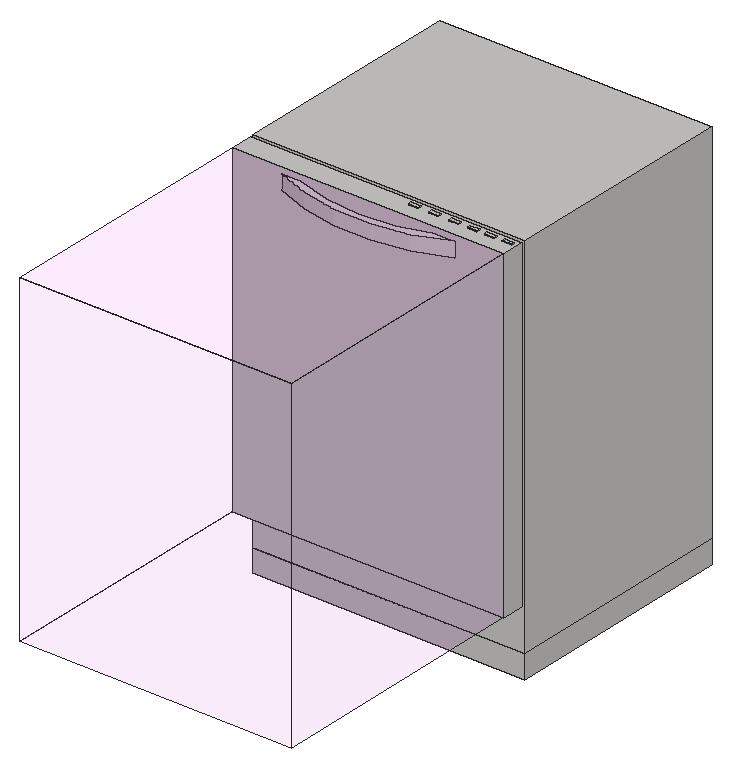
Revit family "QF_Summit_DW244SSADA_Built_In Dishwasher_ADA Compliant", category Specialty Equipment, Revit 2020
Family settings
  Round Connector Dimension = Use Diameter
  Part Type = Normal
  Work Plane-Based = No
  Always vertical = Yes
  Cut with Voids When Loaded = No
  Shared = No
  Room Calculation Point = No
Parameters
  Weight in Pounds = 95
  Watts = if(Phase = 3, Volts * FL Amps * 1.73, Volts * FL Amps)  # 1380 W
  Waste Water Discharge Temperature = -459.67 °F
  Volts = 115 V
  URL Cutsheet = ""
  Specification by User = ""
  Specification by Manufacturer = ""
  Show Legs [instance] = yes
  Show Door Clearance [instance] = yes
  Show Default Legs [instance] = not(Show Legs)  # no
  Serial Number = ""
  Seismic Rating = ""
  SMACNA No = ""
  Revision Code = ""
  Plumbing Remarks = ""
  Plumbing Connection Type = ""
  Phase = 1
  Number of Poles = 1
  NAFEM Spec ID Number = ""
  Model = "DW244SSADA"
  Min Ckt Ampacity = 0 A
  Max Overcurrent Protection = 0 A
  Masterspec = ""
  Manufacturer = "Summit"
  Length = 23 1/2"
  Item Number = ""
  Installed By = ""
  Indirect Waste Size = 1/2"
  Indirect Waste Flow = 0 GPM
  Indirect Waste Connection Type = ""
  Indirect Waste Connection Height = 0"
  Identify Quantity as Lot = yes
  Height [instance] = if(Show Default Legs, 32 1/4", 34")  # 34"
  HP = ""
  Furnished By = ""
  Foodservice Equipment Identifier = yes
  FL Amps = 12 A
  Electrical Remarks = ""
  Electric Connection Type = ""
  Elec Conn RI Height = 0"
  Elec Conn Connection Height = 0"
  Description = "Built-In Dishwasher ADA Compliant"
  Depth = 24 1/4"
  Default Elevation = 0"
  Cycle = 60 Hz
  Conn Plug = ""
  Conn Conduit = yes
  Cold Water Temperature Recommended = -459.67 °F
  Cold Water Size = 1/2"
  Cold Water RI Height = 0"
  Cold Water Minimum Pressure = 0.00 psi
  Cold Water Maximum Pressure = 0.00 psi
  Cold Water Flow = 0 GPM
  Cold Water Consumption = ""
  Cold Water Connection Height = 0"
  CSI MasterFormat = ""
  Apparent Power = if(Phase = 3, Volts * FL Amps * 1.73, Volts * FL Amps)  # 1380 VA
Reference planes (in)
  plane 1 "BACK": y = 0
  plane 2: z = 0
  plane 3 "LEFT": x = 0
  plane 4 "RIGHT": x = 23.5
  plane 5 "FRONT": y = -24.25
  plane 6 "TOP": z = 34
  plane 7 "Center Y": x = 11.75
  plane 8 "Center X": y = -12.125
  plane 9: y = -22.5
  plane 10: y = -20.25
  plane 11: y = -45.5
  plane 12: z = 1.75
  plane 13: z = 2
  plane 14: z = 5.75
  plane 15: z = 5.5
Forms (in)
  Revolve 1, solid, material "QF_Metal_Stainless_Polished", visible <- "Show Default Legs"
    sketch origin (0, -2, 0) x (1, 0, 0) y (0, 0, 1)
      loop
        line (1.73437, 1.75) -> (1.73437, 2) -> (1.1733, 2) -> (1.1733, 1.875) -> (1, 1.875) -> (1, 1.75) -> (1.73437, 1.75)
      axis (1.73437, 2) -> (1.73437, 1.75)
    angle from 0 to 360
  Revolve 2, solid, material "QF_Metal_Stainless_Polished", visible <- "Show Default Legs"
    sketch origin (0, -18.25, 0) x (1, 0, 0) y (0, 0, 1)
      loop
        line (1.73437, 1.75) -> (1.73437, 2) -> (1.1733, 2) -> (1.1733, 1.875) -> (1, 1.875) -> (1, 1.75) -> (1.73437, 1.75)
      axis (1.73437, 2) -> (1.73437, 1.75)
    angle from 0 to 360
  Revolve 3, solid, material "QF_Metal_Stainless_Polished", visible <- "Show Default Legs"
    sketch origin (17.5, -2, 0) x (-1, 0, 0) y (0, 0, -1)
      loop
        line (-4.26563, -1.75) -> (-5, -1.75) -> (-5, -1.875) -> (-4.8267, -1.875) -> (-4.8267, -2) -> (-4.26563, -2) -> (-4.26563, -1.75)
      axis (-4.26563, -2) -> (-4.26563, -1.75)
    angle from 0 to 360
  Revolve 4, solid, material "QF_Metal_Stainless_Polished", visible <- "Show Default Legs"
    sketch origin (17.5, -18.25, 0) x (-1, 0, 0) y (0, 0, -1)
      loop
        line (-4.26563, -1.75) -> (-5, -1.75) -> (-5, -1.875) -> (-4.8267, -1.875) -> (-4.8267, -2) -> (-4.26563, -2) -> (-4.26563, -1.75)
      axis (-4.26563, -2) -> (-4.26563, -1.75)
    angle from 0 to 360
  Revolve 5, solid, material "QF_Metal_Stainless_Polished", visible <- "Show Legs"
    sketch origin (0, -2, 0) x (1, 0, 0) y (0, 0, 1)
      loop
        line (1, 0) -> (1.73437, 0) -> (1.73437, 2) -> (1.1733, 2) -> (1.1733, 0.125) -> (1, 0.125) -> (1, 0)
      axis (1.73437, 2) -> (1.73437, 0)
    angle from 0 to 360
  Revolve 6, solid, material "QF_Metal_Stainless_Polished", visible <- "Show Legs"
    sketch origin (0, -18.25, 0) x (1, 0, 0) y (0, 0, 1)
      loop
        line (1, 0) -> (1.73437, 0) -> (1.73437, 2) -> (1.1733, 2) -> (1.1733, 0.125) -> (1, 0.125) -> (1, 0)
      axis (1.73437, 2) -> (1.73437, 0)
    angle from 0 to 360
  Extrusion 7, solid, material "QF_Metal_Stainless_Polished", visible <- "Show Legs"
    sketch origin (0, 0, 0) x (1, 0, 0) y (0, 1, 0)
      loop
        line (0, 0) -> (0, -20.25) -> (23.5, -20.25) -> (23.5, 0) -> (0, 0)
      loop
        line (0.0625, -20.1875) -> (23.4375, -20.1875) -> (23.4375, -0.0625) -> (0.0625, -0.0625) -> (0.0625, -20.1875)
    from 0 to 2
  Revolve 8, solid, material "QF_Metal_Stainless_Polished", visible <- "Show Default Legs"
    sketch origin (10.01563, -2, 0) x (1, 0, 0) y (0, 0, 1)
      loop
        line (1.73437, 1.75) -> (1.73437, 2) -> (1.1733, 2) -> (1.1733, 1.875) -> (1, 1.875) -> (1, 1.75) -> (1.73437, 1.75)
      axis (1.73437, 2) -> (1.73437, 1.75)
    angle from 0 to 360
  Revolve 9, solid, material "QF_Metal_Stainless_Polished", visible <- "Show Default Legs"
    sketch origin (10.01563, -18.25, 0) x (1, 0, 0) y (0, 0, 1)
      loop
        line (1.73437, 1.75) -> (1.73437, 2) -> (1.1733, 2) -> (1.1733, 1.875) -> (1, 1.875) -> (1, 1.75) -> (1.73437, 1.75)
      axis (1.73437, 2) -> (1.73437, 1.75)
    angle from 0 to 360
  Revolve 10, solid, material "QF_Metal_Stainless_Polished", visible <- "Show Legs"
    sketch origin (10.01563, -2, 0) x (1, 0, 0) y (0, 0, 1)
      loop
        line (1, 0) -> (1.73437, 0) -> (1.73437, 2) -> (1.1733, 2) -> (1.1733, 0.125) -> (1, 0.125) -> (1, 0)
      axis (1.73437, 2) -> (1.73437, 0)
    angle from 0 to 360
  Revolve 11, solid, material "QF_Metal_Stainless_Polished", visible <- "Show Legs"
    sketch origin (10.01563, -18.25, 0) x (1, 0, 0) y (0, 0, 1)
      loop
        line (1, 0) -> (1.73437, 0) -> (1.73437, 2) -> (1.1733, 2) -> (1.1733, 0.125) -> (1, 0.125) -> (1, 0)
      axis (1.73437, 2) -> (1.73437, 0)
    angle from 0 to 360
  Revolve 12, solid, material "QF_Metal_Stainless_Polished", visible <- "Show Legs"
    sketch origin (23.5, -2, 0) x (-1, 0, 0) y (0, 0, -1)
      loop
        line (1, 0) -> (1, -0.125) -> (1.1733, -0.125) -> (1.1733, -2) -> (1.73437, -2) -> (1.73437, 0) -> (1, 0)
      axis (1.73437, -2) -> (1.73437, 0)
    angle from 0 to 360
  Revolve 13, solid, material "QF_Metal_Stainless_Polished", visible <- "Show Legs"
    sketch origin (23.5, -18.25, 0) x (-1, 0, 0) y (0, 0, -1)
      loop
        line (1, 0) -> (1, -0.125) -> (1.1733, -0.125) -> (1.1733, -2) -> (1.73437, -2) -> (1.73437, 0) -> (1, 0)
      axis (1.73437, -2) -> (1.73437, 0)
    angle from 0 to 360
Dimensions and locks (in)
  equal spacing: plane 3 "LEFT", plane 7 "Center Y", plane 4 "RIGHT"
  "Length": plane 3 "LEFT" to plane 4 "RIGHT"
  equal spacing: plane 5 "FRONT", plane 8 "Center X", plane 1 "BACK"
  "Depth": plane 5 "FRONT" to plane 1 "BACK"
  "Height": plane 6 "TOP" to level
  plane 9 to plane 1 "BACK" = 22 1/2"
  plane 10 to plane 1 "BACK" = 20 1/4"
  plane 11 to plane 1 "BACK" = 45 1/2"
  plane 6 "TOP" to plane 12 = 32 1/4"
  plane 6 "TOP" to plane 14 = 28 1/4"
  plane 13 to plane 12 = 1/4"
  plane 15 to plane 13 = 3 1/2"
  plane 4 "RIGHT" to plane 3 "LEFT" = 23 1/2"
  locked: Revolve 5 sketch curve to Revolve 6 at 0.125
  locked: Revolve 13 sketch curve to Revolve 12 at 0.125
  locked: Revolve 12 sketch curve to Revolve 12 sketch curve at 0.125
  plane 5 "FRONT" to plane 9 = 1 3/4"
  aligned and locked: level to plane 2
  aligned and locked: plane 13 to nested 1
Automatic sketch dimensions
  Revolve 1 sketch curve to plane 12 = 0"  (x2)
  Revolve 1 sketch curve to plane 13 = 0"
  plane 12 to Revolve 1 sketch curve = 1/8"
  plane 3 "LEFT" to Revolve 1 sketch curve = 1"
  Revolve 1 sketch curve to Revolve 1 sketch curve = 0.1733"
  Revolve 1 sketch curve to Revolve 1 sketch curve = 0.56107"
  Revolve 1 sketch curve to Revolve 1 sketch curve = 0"
  Revolve 1 sketch curve to Revolve 1 sketch curve = 1/4"
  Revolve 2 sketch curve to plane 12 = 0"  (x2)
  Revolve 2 sketch curve to plane 13 = 0"
  plane 12 to Revolve 2 sketch curve = 1/8"
  plane 3 "LEFT" to Revolve 2 sketch curve = 1"
  Revolve 2 sketch curve to Revolve 2 sketch curve = 0.1733"
  Revolve 2 sketch curve to Revolve 2 sketch curve = 0.56107"
  Revolve 2 sketch curve to Revolve 2 sketch curve = 0"
  Revolve 2 sketch curve to Revolve 2 sketch curve = 1/4"
  Revolve 3 sketch curve to plane 12 = 0"  (x2)
  Revolve 3 sketch curve to plane 13 = 0"
  plane 12 to Revolve 3 sketch curve = 1/8"
  plane 4 "RIGHT" to Revolve 3 sketch curve = 1"
  Revolve 3 sketch curve to Revolve 3 sketch curve = 0.1733"
  Revolve 3 sketch curve to Revolve 3 sketch curve = 0.56107"
  Revolve 3 sketch curve to Revolve 3 sketch curve = 0"
  Revolve 3 sketch curve to Revolve 3 sketch curve = 1/4"
  Revolve 4 sketch curve to plane 12 = 0"  (x2)
  Revolve 4 sketch curve to plane 13 = 0"
  plane 12 to Revolve 4 sketch curve = 1/8"
  plane 4 "RIGHT" to Revolve 4 sketch curve = 1"
  Revolve 4 sketch curve to Revolve 4 sketch curve = 0.1733"
  Revolve 4 sketch curve to Revolve 4 sketch curve = 0.56107"
  Revolve 4 sketch curve to Revolve 4 sketch curve = 0"
  Revolve 4 sketch curve to Revolve 4 sketch curve = 1/4"
  Extrusion 7 sketch curve to plane 3 "LEFT" = 0"
  Extrusion 7 sketch curve to plane 4 "RIGHT" = 0"
  Extrusion 7 sketch curve to plane 10 = 0"
  plane 1 "BACK" to Extrusion 7 sketch curve = 0"
  plane 3 "LEFT" to Extrusion 7 sketch curve = 1/16"
  plane 4 "RIGHT" to Extrusion 7 sketch curve = 1/16"
  plane 10 to Extrusion 7 sketch curve = 1/16"
  plane 1 "BACK" to Extrusion 7 sketch curve = 1/16"
  Revolve 8 sketch curve to plane 12 = 0"  (x2)
  Revolve 8 sketch curve to plane 13 = 0"
  Revolve 8 sketch curve to plane 7 "Center Y" = 0"  (x2)
  Revolve 8 sketch curve to Revolve 8 sketch curve = 0.56107"
  Revolve 8 sketch curve to Revolve 8 sketch curve = 0.1733"
  plane 12 to Revolve 8 sketch curve = 1/8"
  Revolve 8 sketch curve to Revolve 8 sketch curve = 1/4"
  Revolve 9 sketch curve to plane 12 = 0"  (x2)
  Revolve 9 sketch curve to plane 13 = 0"
  Revolve 9 sketch curve to plane 7 "Center Y" = 0"  (x2)
  Revolve 9 sketch curve to plane 7 "Center Y" = 0.56107"
  Revolve 9 sketch curve to Revolve 9 sketch curve = 0.1733"
  plane 12 to Revolve 9 sketch curve = 1/8"
  Revolve 9 sketch curve to Revolve 9 sketch curve = 1/4"
  Revolve 6 sketch curve to level = 0"  (x2)
  plane 3 "LEFT" to Revolve 6 sketch curve = 1"
  Revolve 6 sketch curve to Revolve 6 sketch curve = 47/64"
  Revolve 6 sketch curve to Revolve 6 sketch curve = 0.1733"
  Revolve 6 sketch curve to Revolve 6 sketch curve = 0"
  Revolve 6 sketch curve to Revolve 6 sketch curve = 1"
  level to Revolve 6 sketch curve = 1/8"
  Revolve 6 sketch curve to plane 13 = 0"
  Revolve 5 sketch curve to level = 0"  (x2)
  plane 3 "LEFT" to Revolve 5 sketch curve = 1"
  Revolve 5 sketch curve to Revolve 5 sketch curve = 47/64"
  Revolve 5 sketch curve to Revolve 5 sketch curve = 0"
  Revolve 5 sketch curve to Revolve 5 sketch curve = 1"
  Revolve 5 sketch curve to plane 13 = 0"
  Revolve 5 sketch curve to Revolve 5 sketch curve = 0.1733"
  Revolve 11 sketch curve to level = 0"  (x2)
  Revolve 11 sketch curve to plane 13 = 0"
  Revolve 11 sketch curve to plane 7 "Center Y" = 0"  (x2)
  Revolve 11 sketch curve to plane 7 "Center Y" = 0.56107"
  Revolve 11 sketch curve to Revolve 11 sketch curve = 1"
  level to Revolve 11 sketch curve = 1/8"
  Revolve 11 sketch curve to Revolve 11 sketch curve = 0.1733"
  Revolve 10 sketch curve to level = 0"  (x2)
  Revolve 10 sketch curve to plane 13 = 0"
  Revolve 10 sketch curve to plane 7 "Center Y" = 0"  (x2)
  Revolve 10 sketch curve to Revolve 10 sketch curve = 0.56107"
  Revolve 10 sketch curve to Revolve 10 sketch curve = 0.1733"
  Revolve 10 sketch curve to Revolve 10 sketch curve = 1"
  level to Revolve 10 sketch curve = 1/8"
  Revolve 13 sketch curve to level = 0"  (x2)
  Revolve 13 sketch curve to plane 13 = 0"
  plane 4 "RIGHT" to Revolve 13 sketch curve = 1"
  Revolve 13 sketch curve to Revolve 13 sketch curve = 47/64"
  Revolve 13 sketch curve to Revolve 13 sketch curve = 0.1733"
  Revolve 13 sketch curve to Revolve 13 sketch curve = 0"
  Revolve 13 sketch curve to level = 1"
  Revolve 12 sketch curve to level = 0"  (x2)
  Revolve 12 sketch curve to plane 13 = 0"
  plane 4 "RIGHT" to Revolve 12 sketch curve = 1"
  Revolve 12 sketch curve to Revolve 12 sketch curve = 47/64"
  Revolve 12 sketch curve to Revolve 12 sketch curve = 0.1733"
  Revolve 12 sketch curve to Revolve 12 sketch curve = 0"
  Revolve 12 sketch curve to level = 1"
Nested families (in)
  nested 1: "DW242WADA" at (0, 0, 0), Show Door Clearance <- "Show Door Clearance", type "DW242WADA"
    with Show Door Clearance yes, Height 34"
Connectors (in)
  piping at (7.03371, 0.25, 3.67651), diameter 0.5, driven by "Cold Water Size"
    settings: on nested 1, index 1, connector inside diameter 24", connector length 0", flow factor 0, pipe flow 0 GPM, pressure drop 0.00 psi, fitting loss kfactor 0, connector angle 0.00°, fixture units 0, engagement length 0", angle of deflection 0.00°, flow configuration 1, flow direction 1, fitting loss method 0, system type 20, joint type 0, gender type 0, connector reference index -1, connector utility 0, adjustable connector no, is connector primary yes, connector description "Water Connection"
  piping at (9.03371, 0.25, 3.67651), diameter 0.5, driven by "Indirect Waste Size"
    settings: on nested 1, index 2, connector inside diameter 24", connector length 0", flow factor 0, pipe flow 0 GPM, pressure drop 0.00 psi, fitting loss kfactor 0, connector angle 0.00°, fixture units 0, engagement length 0", angle of deflection 0.00°, flow configuration 1, flow direction 1, fitting loss method 0, system type 16, joint type 0, gender type 0, connector reference index -1, connector utility 0, adjustable connector no, is connector primary no, connector description "Drain Connection"
  electrical at (11.06496, 0.25, 3.67651), driven by "Volts", driven by "Watts"
    settings: on nested 1, index 3, voltage 115 V, apparent load 1380 VA, apparent load phase1 0 VA, apparent load phase2 0 VA, apparent load phase3 0 VA, power factor 1, load classification "Other", number of poles 1, system type 30, power factor state 1, is connector primary yes, connector utility no, sub classification motor no, connector description "Electrical Connection"
Definition of nested family "DW242WADA"
  Parameters (values of type "DW242WADA")
    Weight in Pounds = 0
    Watts = if(Phase = 3, Volts * FL Amps * 1.73, Volts * FL Amps)  # 0 W
    Volts = 0 V
    URL Cutsheet = ""
    Specification by User = ""
    Specification by Manufacturer = ""
    Show Door Clearance [instance] = yes
    Serial Number = ""
    Seismic Rating = ""
    SMACNA No = ""
    Revision Code = ""
    Phase = 0
    Number of Poles = 1
    NAFEM Spec ID Number = ""
    Min Ckt Ampacity = 0 A
    Max Overcurrent Protection = 0 A
    Masterspec = ""
    Length = 23 1/2"
    Item Number = ""
    Installed By = ""
    Identify Quantity as Lot = yes
    Height [instance] = 34"
    HP = ""
    Furnished By = ""
    Foodservice Equipment Identifier = yes
    FL Amps = 0 A
    Electrical Remarks = ""
    Electric Connection Type = ""
    Elec Conn RI Height = 0"
    Elec Conn Connection Height = 0"
    Depth = 24 1/4"
    Default Elevation = 0"
    Cycle = 0 Hz
    Conn Plug = ""
    Conn Conduit = yes
    CSI MasterFormat = ""
    Apparent Power = if(Phase = 3, Volts * FL Amps * 1.73, Volts * FL Amps)  # 0 VA
  Reference planes (in)
    plane 1 "BACK": y = 0
    plane 2: z = 0
    plane 3 "LEFT": x = 0
    plane 4 "RIGHT": x = 23.5
    plane 5 "FRONT": y = -24.25
    plane 6 "TOP": z = 34
    plane 7 "Center Y": x = 11.75
    plane 8 "Center X": y = -12.125
    plane 9: y = -22.5
    plane 10: y = -20.25
    plane 11: y = -45.5
    plane 12: z = 1.75
    plane 13: z = 2
    plane 14: z = 5.75
    plane 15: z = 5.5
  Forms (in)
    Extrusion 1, solid
      sketch origin (-8.01619, -180, 2.125) x (-1, 0, 0) y (0, -1, 0)
        loop
          line (-8.01619, -180) -> (-8.01619, -159.75) -> (-31.51619, -159.75) -> (-31.51619, -180) -> (-8.01619, -180)
      from -0.125 to 31.875
    Extrusion 2, solid
      sketch origin (-9.94716, -22.5, 48) x (-1, 0, 0) y (0, 0, 1)
        loop
          line (-9.94716, -14) -> (-33.44716, -14) -> (-33.44716, -42.25) -> (-9.94716, -42.25) -> (-9.94716, -14)
      from 0 to 2
    Extrusion 3, solid
      sketch origin (-9.94716, -20.5, 48) x (-1, 0, 0) y (0, 0, 1)
        loop
          line (-10.44716, -14.5) -> (-32.94716, -14.5) -> (-32.94716, -41.75) -> (-10.44716, -41.75) -> (-10.44716, -14.5)
      from 0 to 0.25
    Extrusion 4, solid
      sketch origin (3.0625, 0, 0.0625) x (1, 0, 0) y (0, 0, 1)
        loop
          circle (3.97121, 3.61401) r 0.5
      from 0 to -0.25
    Extrusion 5, solid
      sketch origin (5.0625, 0, 0.0625) x (1, 0, 0) y (0, 0, 1)
        loop
          circle (3.97121, 3.61401) r 0.5
      from 0 to -0.25
    Extrusion 6, solid
      sketch origin (7.0625, 0, 0.0625) x (1, 0, 0) y (0, 0, 1)
        loop
          circle (4.00246, 3.61401) r 0.34934
      from 0 to -0.25
    Extrusion 7, solid
      sketch origin (-35.39759, -180, 34) x (-1, 0, 0) y (0, -1, 0)
        loop
          arc (-39.64759, -157.5) -> (-47.14759, -155.75) -> (-54.64759, -157.5) r 16.94643
          line (-54.64759, -157.5) -> (-53.05926, -157.5)
          arc (-53.05926, -157.5) -> (-47.14759, -156.39063) -> (-41.23593, -157.5) r 16.3058
          line (-41.23593, -157.5) -> (-39.64759, -157.5)
      from -0.5 to -1.75
    Extrusion 8, solid
      sketch origin (0, -22.5, 34) x (1, 0, 0) y (0, 1, 0)
        loop
          line (15.96145, 1.58403) -> (15.96145, 1.29627) -> (16.78645, 1.29627) -> (16.78645, 1.58403) -> (15.96145, 1.58403)
        loop
          line (17.72707, 1.58403) -> (17.72707, 1.29627) -> (18.55207, 1.29627) -> (18.55207, 1.58403) -> (17.72707, 1.58403)
        loop
          line (19.3052, 1.58403) -> (19.3052, 1.29627) -> (20.1302, 1.29627) -> (20.1302, 1.58403) -> (19.3052, 1.58403)
        loop
          line (20.78957, 1.58403) -> (20.78957, 1.29627) -> (21.61457, 1.29627) -> (21.61457, 1.58403) -> (20.78957, 1.58403)
        loop
          line (22.28957, 1.58403) -> (22.28957, 1.29627) -> (23.11457, 1.29627) -> (23.11457, 1.58403) -> (22.28957, 1.58403)
        loop
          line (14.19582, 1.58403) -> (14.19582, 1.29627) -> (15.02082, 1.29627) -> (15.02082, 1.58403) -> (14.19582, 1.58403)
      from 0 to 0.05469
    Extrusion 9, solid, visible <- "Show Door Clearance"
      sketch origin (-8.01619, -180, 5.875) x (-1, 0, 0) y (0, -1, 0)
        loop
          line (-8.01619, -157.5) -> (-8.01619, -134.5) -> (-31.51619, -134.5) -> (-31.51619, -157.5) -> (-8.01619, -157.5)
      from -0.125 to 28.125
  Lines and regions (in)
    symbolic lines
      curve 1: line (0, 0, 0) -> (0, -20.25, 0)
      curve 2: line (23.5, 0, 0) -> (0, 0, 0)
      curve 3: line (23.5, -20.25, 0) -> (23.5, 0, 0)
      curve 4: line (0, -20.25, 0) -> (23.5, -20.25, 0)
      curve 5: line (23.5, -20.5, 0) -> (0, -20.5, 0)
      curve 6: line (0, -20.5, 0) -> (0, -22.5, 0)
      curve 7: line (0, -22.5, 0) -> (23.5, -22.5, 0)
      curve 8: line (23.5, -22.5, 0) -> (23.5, -20.5, 0)
      curve 9: line (23, -20.5, 0) -> (23, -20.25, 0)
      curve 10: line (0.5, -20.25, 0) -> (0.5, -20.5, 0)
      curve 11: arc (17.66167, -22.5, 0) -> (11.75, -23.60938, 0) -> (5.83833, -22.5, 0) r 16.3058
      curve 12: arc (4.25, -22.5, 0) -> (11.75, -24.25, 0) -> (19.25, -22.5, 0) r 16.94643
      curve 13: line (15.96145, -21.20373, 0) -> (16.78645, -21.20373, 0)
      curve 14: line (16.78645, -21.20373, 0) -> (16.78645, -20.91597, 0)
      curve 15: line (16.78645, -20.91597, 0) -> (15.96145, -20.91597, 0)
      curve 16: line (15.96145, -20.91597, 0) -> (15.96145, -21.20373, 0)
      curve 17: line (17.72707, -21.20373, 0) -> (18.55207, -21.20373, 0)
      curve 18: line (18.55207, -21.20373, 0) -> (18.55207, -20.91597, 0)
      curve 19: line (18.55207, -20.91597, 0) -> (17.72707, -20.91597, 0)
      curve 20: line (17.72707, -20.91597, 0) -> (17.72707, -21.20373, 0)
      curve 21: line (19.3052, -21.20373, 0) -> (20.1302, -21.20373, 0)
      curve 22: line (20.1302, -21.20373, 0) -> (20.1302, -20.91597, 0)
      curve 23: line (20.1302, -20.91597, 0) -> (19.3052, -20.91597, 0)
      curve 24: line (19.3052, -20.91597, 0) -> (19.3052, -21.20373, 0)
      curve 25: line (20.78957, -21.20373, 0) -> (21.61457, -21.20373, 0)
      curve 26: line (21.61457, -21.20373, 0) -> (21.61457, -20.91597, 0)
      curve 27: line (21.61457, -20.91597, 0) -> (20.78957, -20.91597, 0)
      curve 28: line (20.78957, -20.91597, 0) -> (20.78957, -21.20373, 0)
      curve 29: line (22.28957, -21.20373, 0) -> (23.11457, -21.20373, 0)
      curve 30: line (23.11457, -21.20373, 0) -> (23.11457, -20.91597, 0)
      curve 31: line (23.11457, -20.91597, 0) -> (22.28957, -20.91597, 0)
      curve 32: line (22.28957, -20.91597, 0) -> (22.28957, -21.20373, 0)
      curve 36: line (14.19582, -20.91597, 0) -> (15.02082, -20.91597, 0)
      curve 37: line (14.19582, -21.20373, 0) -> (14.19582, -20.91597, 0)
      curve 38: line (15.02082, -21.20373, 0) -> (14.19582, -21.20373, 0)
      curve 39: line (15.02082, -20.91597, 0) -> (15.02082, -21.20373, 0)
    symbolic lines, visible <- "Show Door Clearance"
      curve 33: line (0, -22.5, 0) -> (0, -45.5, 0)
      curve 34: line (23.5, -45.5, 0) -> (23.5, -22.5, 0)
      curve 35: line (0, -45.5, 0) -> (23.5, -45.5, 0)
  Dimensions and locks (in)
    equal spacing: plane 3 "LEFT", plane 7 "Center Y", plane 4 "RIGHT"
    "Length": plane 3 "LEFT" to plane 4 "RIGHT"
    equal spacing: plane 5 "FRONT", plane 8 "Center X", plane 1 "BACK"
    "Depth": plane 5 "FRONT" to plane 1 "BACK"
    "Height": plane 6 "TOP" to level
    plane 9 to plane 1 "BACK" = 22 1/2"
    plane 10 to plane 1 "BACK" = 20 1/4"
    plane 11 to plane 1 "BACK" = 45 1/2"
    plane 6 "TOP" to plane 12 = 32 1/4"
    plane 6 "TOP" to plane 14 = 28 1/4"
    plane 13 to plane 12 = 1/4"
    plane 15 to plane 13 = 3 1/2"
    plane 4 "RIGHT" to plane 3 "LEFT" = 23 1/2"
    plane 9 to plane 5 "FRONT" = 1 3/4"
    aligned and locked: level to plane 2
  Automatic sketch dimensions
    plane 1 "BACK" to Extrusion 1 sketch curve = 0"
    Extrusion 1 sketch curve to plane 10 = 0"
    Extrusion 1 sketch curve to plane 3 "LEFT" = 0"
    plane 7 "Center Y" to Extrusion 1 sketch curve = 11 3/4"
    Extrusion 2 sketch curve to plane 6 "TOP" = 0"
    Extrusion 2 sketch curve to plane 14 = 0"
    Extrusion 2 sketch curve to plane 3 "LEFT" = 0"
    plane 7 "Center Y" to Extrusion 2 sketch curve = 11 3/4"
    Extrusion 3 sketch curve to Extrusion 2 = 1/2"  (x4)
    plane 13 to Extrusion 4 sketch curve = 1.67651"
    plane 3 "LEFT" to Extrusion 4 sketch curve = 7.03371"
    plane 13 to Extrusion 5 sketch curve = 1.67651"
    Extrusion 5 sketch curve to plane 7 "Center Y" = 2.71629"
    plane 13 to Extrusion 6 sketch curve = 1.67651"
    Extrusion 6 sketch curve to plane 7 "Center Y" = 0.68504"
    Extrusion 7 sketch curve to Extrusion 7 sketch curve = 0"  (x2)
    Extrusion 7 sketch curve to plane 9 = 0"  (x2)
    plane 7 "Center Y" to Extrusion 7 sketch curve = 7 1/2"
    Extrusion 7 sketch curve to Extrusion 7 sketch curve = 1.58833"
    Extrusion 7 sketch curve to plane 7 "Center Y" = 0"
    plane 8 "Center X" to Extrusion 7 sketch curve = 4.82143"
    Extrusion 9 sketch curve to plane 9 = 0"
    Extrusion 9 sketch curve to plane 11 = 0"
    Extrusion 9 sketch curve to plane 3 "LEFT" = 0"
    plane 7 "Center Y" to Extrusion 9 sketch curve = 11 3/4"
    Extrusion 2 to Extrusion 8 sketch curve = 0.41597"  (x4)
    Extrusion 8 sketch curve to Extrusion 2 = 9.30418"
    Extrusion 8 sketch curve to Extrusion 8 sketch curve = 0.825"  (x5)
    Extrusion 8 sketch curve to Extrusion 8 sketch curve = 0.94063"  (x2)
    Extrusion 8 sketch curve to Extrusion 8 sketch curve = 0.75313"
    Extrusion 8 sketch curve to Extrusion 8 sketch curve = 0.65938"
    Extrusion 8 sketch curve to Extrusion 8 sketch curve = 0.675"
    Extrusion 8 sketch curve to Extrusion 2 = 0.38543"
    Extrusion 8 sketch curve to Extrusion 8 sketch curve = 0.28776"  (x6)
    Extrusion 8 sketch curve to Extrusion 8 sketch curve = 0"
    Extrusion 2 to Extrusion 8 sketch curve = 0.70373"
    curve 11 to curve 12 = 0"  (x2)
    plane 1 "BACK" to curve 1 = 0"
    curve 1 to plane 3 "LEFT" = 0"
    curve 33 to plane 3 "LEFT" = 0"
    curve 10 to plane 10 = 0"
    curve 12 to plane 9 = 0"
    curve 12 to plane 7 "Center Y" = 0"
    curve 34 to plane 4 "RIGHT" = 0"
    curve 4 to plane 4 "RIGHT" = 0"
    curve 33 to plane 11 = 0"
    curve 38 to plane 10 = 0.95373"
    plane 7 "Center Y" to curve 38 = 2.44582"
    curve 36 to curve 39 = 0.825"
    curve 38 to curve 13 = 0.94063"
    curve 15 to curve 15 = 0.825"
    curve 13 to curve 17 = 0.94063"
    curve 17 to curve 18 = 0.825"
    curve 18 to curve 24 = 0.75313"
    curve 23 to curve 22 = 0.825"
    curve 22 to curve 28 = 0.65938"
    curve 25 to curve 25 = 0.825"
    curve 26 to curve 32 = 0.675"
    plane 4 "RIGHT" to curve 30 = 0.38543"
    curve 26 to plane 10 = 0.95373"
    curve 25 to curve 29 = 0"
    curve 24 to plane 10 = 0.95373"
    curve 38 to curve 13 = 0"
    curve 13 to curve 17 = 0"
    curve 17 to curve 19 = 0.28776"
    curve 13 to curve 16 = 0.28776"
    curve 21 to curve 22 = 0.28776"
    curve 29 to curve 31 = 0.28776"
    curve 37 to curve 36 = 0.28776"
    curve 25 to curve 26 = 0.28776"
    curve 5 to plane 10 = 1/4"
    plane 8 "Center X" to curve 12 = 4.82143"
    plane 3 "LEFT" to curve 10 = 1/2"
    curve 10 to curve 12 = 3 3/4"
    curve 12 to curve 11 = 1.58833"
    curve 9 to curve 30 = 0.11457"
    radius of Extrusion 4 sketch curve = 1/2"
    radius of Extrusion 5 sketch curve = 1/2"
    radius of Extrusion 6 sketch curve = 0.34934"
